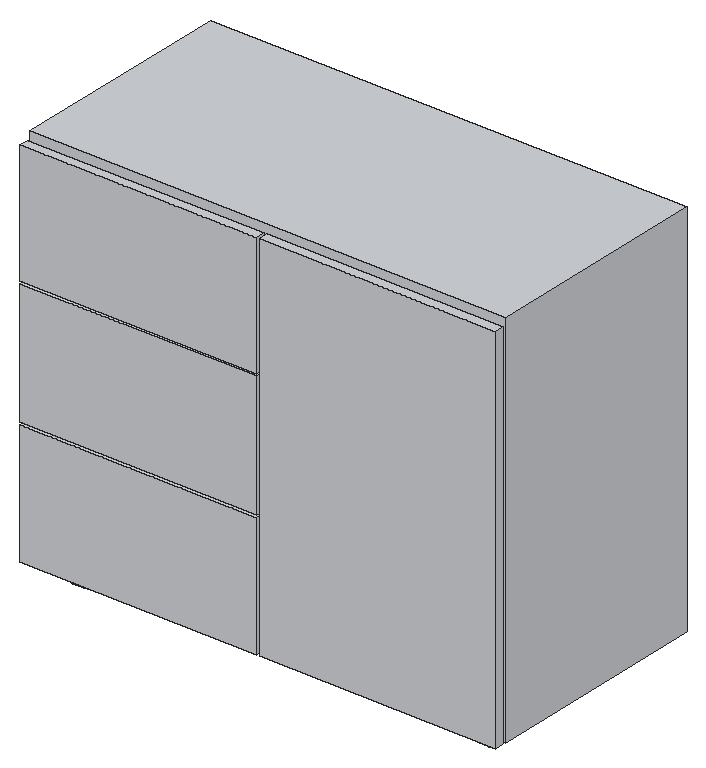
Revit family "Armário - Módulo 3 x 1", category Mobiliário, Revit 2019
Family settings
  Número OmniClass = 23.40.20.00
  Título OmniClass = General Furniture and Specialties
  Com base no plano de trabalho = Não
  Sempre na vertical = Sim
  Corte com vazios quando carregada = Não
  Compartilhado = Não
  Ponto de cálculo do ambiente = Não
Parameters (values of type "800 x 400 x 680mm")
  Largura = 800 mm
  Material do castor = none
  Comprimento = 400 mm
  Altura = 680 mm
  Material do armário = none
Reference planes
  plane 1 "Centro (Frente/Trás)": y = 0
  plane 2: z = 0
  plane 3 "Centro (Esquerda/Direita)": x = 0
  plane 4: x = -400
  plane 5: x = 400
  plane 6: y = -200
  plane 7: y = 200
  plane 8: z = 680
  plane 9: y = -180
  plane 10: y = -185
  plane 11: z = 40
  plane 12: z = 668
  plane 13: z = 672
  plane 14: z = 250.667
  plane 15: z = 246.667
  plane 16: z = 461.333
  plane 17: z = 459.333
  plane 18: z = 463.333
  plane 19: x = -30
  plane 20: x = 30
  plane 21: x = -2
  plane 22: x = 2
  plane 23: z = 20
  plane 24: x = -340
  plane 25: y = -140
  plane 26: x = -350
  plane 27: x = -330
  plane 28: x = 340
  plane 29: x = 350
  plane 30: x = 330
  plane 31: y = 140
Forms (mm)
  Extrusion 1, solid, material <- "Material do armário"
    sketch origin (0, 0, 0) x (1, 0, 0) y (0, 1, 0)
      loop
        line (-400, 200) -> (-400, -180) -> (400, -180) -> (400, 200) -> (-400, 200)
    from 40 to 680
  Extrusion 2, solid, material <- "Material do armário"
    sketch origin (0, 0, 0) x (1, 0, 0) y (0, 1, 0)
      loop
        line (-400, -185) -> (-400, -200) -> (-2, -200) -> (-2, -185) -> (-400, -185)
    from 40 to 246.667
  Extrusion 3, solid, material <- "Material do armário"
    sketch origin (0, 0, 0) x (1, 0, 0) y (0, 1, 0)
      loop
        line (-400, -185) -> (-400, -200) -> (-2, -200) -> (-2, -185) -> (-400, -185)
    from 250.667 to 459.333
  Extrusion 4, solid, material <- "Material do armário"
    sketch origin (0, 0, 0) x (1, 0, 0) y (0, 1, 0)
      loop
        line (-400, -185) -> (-400, -200) -> (-2, -200) -> (-2, -185) -> (-400, -185)
    from 463.333 to 668
  Extrusion 5, solid, material <- "Material do armário"
    sketch origin (0, 0, 0) x (1, 0, 0) y (0, 1, 0)
      loop
        line (2, -185) -> (2, -200) -> (400, -200) -> (400, -185) -> (2, -185)
    from 40 to 668
  Extrusion 6, solid, material <- "Material do castor"
    sketch origin (0, 0, 0) x (0, 1, 0) y (0, 0, 1)
      loop
        circle (-140, 20) r 20
    from -350 to -330
  Extrusion 7, solid, material <- "Material do castor"
    sketch origin (0, 0, 0) x (0, 1, 0) y (0, 0, -1)
      loop
        circle (-140, -20) r 20
    from -350 to -330
  Extrusion 8, solid, material <- "Material do castor"
    sketch origin (0, 0, 0) x (0, -1, 0) y (0, 0, -1)
      loop
        circle (-140, -20) r 20
    from -350 to -330
  Extrusion 9, solid, material <- "Material do castor"
    sketch origin (0, 0, 0) x (0, -1, 0) y (0, 0, 1)
      loop
        circle (-140, 20) r 20
    from -350 to -330
Lines and regions (mm)
  Masking region 1, detail levels coarse+medium
    outline origin (0, 0, 0) x (1, 0, 0) y (0, 1, 0)
      loop
        line (400, 200) -> (-400, 200) -> (-400, -200) -> (400, -200) -> (400, 200)
  Masking region 2, detail levels fine
    outline origin (0, 0, 0) x (1, 0, 0) y (0, 1, 0)
      loop
        line (-400, -180) -> (400, -180) -> (400, 200) -> (-400, 200) -> (-400, -180)
  Masking region 3, detail levels fine
    outline origin (0, 0, 0) x (1, 0, 0) y (0, 1, 0)
      loop
        line (-400, -200) -> (-2, -200) -> (-2, -185) -> (-400, -185) -> (-400, -200)
  Masking region 4, detail levels fine
    outline origin (0, 0, 0) x (1, 0, 0) y (0, 1, 0)
      loop
        line (400, -185) -> (2, -185) -> (2, -200) -> (400, -200) -> (400, -185)
  symbolic lines
    curve 1: line (-400, 200, 0) -> (400, 200, 0)
    curve 7: line (-400, -180, 0) -> (400, -180, 0)
  symbolic lines, detail levels coarse+medium
    curve 2: line (-400, 200, 0) -> (-400, -200, 0)
    curve 3: line (-400, -200, 0) -> (400, -200, 0)
    curve 4: line (400, 200, 0) -> (400, -200, 0)
  symbolic lines, detail levels fine
    curve 5: line (-400, 200, 0) -> (-400, -180, 0)
    curve 6: line (400, -180, 0) -> (400, 200, 0)
    curve 8: line (-400, -200, 0) -> (-2, -200, 0)
    curve 9: line (2, -200, 0) -> (400, -200, 0)
    curve 10: line (400, -200, 0) -> (400, -185, 0)
    curve 11: line (400, -185, 0) -> (2, -185, 0)
    curve 12: line (-2, -185, 0) -> (-400, -185, 0)
    curve 13: line (2, -185, 0) -> (2, -200, 0)
    curve 14: line (-2, -200, 0) -> (-2, -185, 0)
    curve 15: line (-400, -185, 0) -> (-400, -200, 0)
Dimensions and locks
  locked: plane 11 to plane 2 at 40
  equal spacing: plane 5, plane 3 "Centro (Esquerda/Direita)", plane 4
  "Largura": plane 5 to plane 4
  "Altura": plane 8 to plane 2
  locked: plane 8 to plane 13 at 8
  locked: plane 6 to plane 10 at 15
  locked: plane 10 to plane 9 at 5
  equal spacing: plane 13, plane 16, plane 14, plane 11
  equal spacing: plane 6, plane 1 "Centro (Frente/Trás)", plane 7
  "Comprimento": plane 6 to plane 7
  locked: plane 13 to plane 12 at 4
  plane 18 to plane 16 to plane 17 = 2 mm locked, 2 mm locked
  locked: plane 14 to plane 15 at 4
  equal spacing: plane 11, plane 23, level
  locked: plane 24 to plane 4 at 60
  locked: plane 28 to plane 5 at 60
  locked: plane 7 to plane 31 at 60
  locked: plane 25 to plane 6 at 60
  plane 27 to plane 24 to plane 26 = 10 mm locked, 10 mm locked
  plane 30 to plane 28 to plane 29 = 10 mm locked, 10 mm locked
  aligned and locked: level to plane 2
  aligned and locked: Extrusion 1 sketch curve to plane 7
  aligned and locked: Extrusion 1 sketch curve to plane 5
  aligned and locked: Extrusion 1 sketch curve to plane 9
  aligned and locked: plane 4 to Extrusion 1 sketch curve
  aligned and locked: Extrusion 1 to plane 11
  aligned and locked: Extrusion 2 sketch curve to plane 10
  aligned and locked: plane 4 to Extrusion 2 sketch curve
  aligned and locked: plane 6 to Extrusion 2 sketch curve
  aligned and locked: Extrusion 2 to plane 11
  aligned and locked: plane 15 to Extrusion 2
  aligned and locked: Extrusion 3 sketch curve to plane 10
  aligned and locked: plane 4 to Extrusion 3 sketch curve
  aligned and locked: plane 6 to Extrusion 3 sketch curve
  aligned and locked: plane 17 to Extrusion 3
  aligned and locked: Extrusion 4 sketch curve to plane 10
  aligned and locked: plane 4 to Extrusion 4 sketch curve
  aligned and locked: plane 6 to Extrusion 4 sketch curve
  aligned and locked: plane 12 to Extrusion 4
  aligned and locked: plane 18 to Extrusion 4
  aligned and locked: Extrusion 3 to plane 14
  aligned and locked: Extrusion 4 sketch curve to plane 21
  aligned and locked: Extrusion 3 sketch curve to plane 21
  aligned and locked: Extrusion 2 sketch curve to plane 21
  aligned and locked: Extrusion 5 sketch curve to plane 10
  aligned and locked: plane 6 to Extrusion 5 sketch curve
  aligned and locked: Extrusion 5 sketch curve to plane 5
  aligned and locked: plane 22 to Extrusion 5 sketch curve
  aligned and locked: plane 12 to Extrusion 5
  aligned and locked: Extrusion 5 to plane 11
  aligned and locked: plane 23 to Extrusion 6 sketch curve
  aligned and locked: plane 25 to Extrusion 6 sketch curve
  aligned and locked: Extrusion 6 to plane 26
  aligned and locked: plane 27 to Extrusion 6
  aligned and locked: plane 29 to Extrusion 7  (x2)
  aligned and locked: Extrusion 7 to plane 30  (x2)
  aligned and locked: plane 30 to Extrusion 7
  aligned and locked: Extrusion 7 to plane 29
  aligned and locked: Extrusion 8 sketch curve to plane 31
  aligned and locked: Extrusion 8 to plane 26
  aligned and locked: plane 27 to Extrusion 8
  aligned and locked: Extrusion 9 to plane 30
  aligned and locked: Extrusion 9 to plane 29
  aligned and locked: plane 8 to Extrusion 1
  aligned and locked: curve 1 to plane 7
  aligned and locked: curve 2 to plane 4
  aligned and locked: curve 3 to plane 6
  aligned and locked: curve 4 to plane 5
  aligned and locked: Masking region 1 sketch curve to Extrusion 1  (x3)
  aligned and locked: Masking region 1 sketch curve to curve 3
  aligned and locked: curve 6 to Extrusion 1
  aligned and locked: curve 7 to Extrusion 1
  aligned and locked: curve 9 to Extrusion 5
  aligned and locked: curve 10 to Extrusion 5
  aligned and locked: curve 11 to Extrusion 5
  aligned and locked: curve 12 to Extrusion 4
  aligned and locked: curve 13 to Extrusion 5
  aligned and locked: curve 14 to Extrusion 4
  aligned and locked: curve 15 to Extrusion 4
  aligned and locked: Masking region 2 sketch curve to Extrusion 1  (x4)
  aligned and locked: Masking region 3 sketch curve to Extrusion 4  (x4)
  aligned and locked: Masking region 4 sketch curve to Extrusion 5  (x4)
Automatic sketch dimensions
  Extrusion 7 sketch curve to plane 23 = 0 mm
  Extrusion 7 sketch curve to plane 25 = 0 mm
  Extrusion 8 sketch curve to plane 23 = 0 mm
  Extrusion 9 sketch curve to plane 23 = 0 mm
  Extrusion 9 sketch curve to plane 31 = 0 mm
  radius of Extrusion 6 sketch curve = 20 mm
  radius of Extrusion 7 sketch curve = 20 mm
  radius of Extrusion 8 sketch curve = 20 mm
  radius of Extrusion 9 sketch curve = 20 mm
